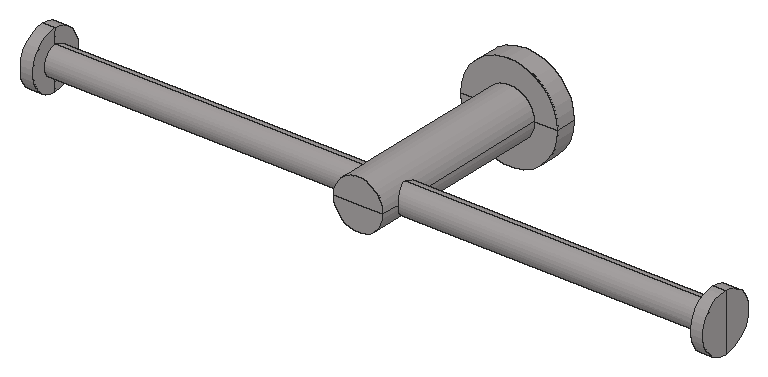
Revit family "Reece_Accessory_Milli_Mood Edit_Double Toilet Roll Holder", category Plumbing Fixtures, Revit 2018
Family settings
  Round Connector Dimension = Use Diameter
  Part Type = Normal
  Work Plane-Based = Yes
  Always vertical = Yes
  Cut with Voids When Loaded = Yes
  Shared = Yes
  Room Calculation Point = Yes
Parameters (values of type "Brushed Gunmetal")
  URL = "https://www.reece.com.au/product/-2281326"
  Type Comments = "Accessory"
  Reece_Product_Web Page = "https://www.reece.com.au/product/-2281326"
  Reece_Product_Type = "Accessory"  # constant formula
  Reece_Product_Sub Brand = "Mood Edit"  # constant formula
  Reece_Product_Number = "2281326"
  Reece_Product_Mount = "Wall Mounted"
  Reece_Product_Description = "Milli Mood Edit Double Toilet Roll Holder Brushed Gunmetal"
  Reece_Product_Brand = "Milli"  # constant formula
  Reece_Overall_Width = 261 mm  # constant formula
  Reece_Overall_Projection = 80 mm  # constant formula
  Reece_Material_Main = Reece_Brass_Brushed Gunmetal
  Reece_Height_From_Level [instance] = 650 mm
  Reece_Detail_Shape = ""
  Reece_Detail_Installation = ""
  Reece_Detail_Disclaimer = "THIS FILE IS THE PROPERTY OF THE REECE GROUP. IT MAY NOT BE REPRODUCED, REVERSE-ENGINEERED OR MODIFIED. ANY REPUBLICATION, TRANSMISSION OR DISTRIBUTION FOR THE PURPOSE OF COMMERCIALLY EXPLOITING THE FILES IS PROHIBITED."  # constant formula
  Reece_Detail_Connector = ""  # constant formula
  Reece_Detail_Additional = "Double Toilet Roll Holder"  # constant formula
  Model = "Mood Edit"
  Manufacturer = "Milli"
  Keynote = "Product #2281326, Reece_Accessory_Milli_Mood Edit_Double Toilet Roll Holder - Brushed Gunmetal"
  Disclaimer = "THIS FILE IS THE PROPERTY OF THE REECE GROUP. IT MAY NOT BE REPRODUCED, REVERSE-ENGINEERED OR MODIFIED. ANY REPUBLICATION, TRANSMISSION OR DISTRIBUTION FOR THE PURPOSE OF COMMERCIALLY EXPLOITING THE FILES IS PROHIBITED."  # constant formula
  Description = "Milli Mood Edit Double Toilet Roll Holder Brushed Gunmetal"
  Default Elevation = 0 mm
Types (9, lengths in mm): name | URL | Reece_Product_Web Page | Reece_Product_Number | Reece_Product_Description | Reece_Material_Main | Keynote | Description
  Brushed Gunmetal | "https://www.reece.com.au/product/-2281326" | "https://www.reece.com.au/product/-2281326" | "2281326" | "Milli Mood Edit Double Toilet Roll Holder Brushed Gunmetal" | Reece_Brass_Brushed Gunmetal | "Product #2281326, Reece_Accessory_Milli_Mood Edit_Double Toilet Roll Holder - Brushed Gunmetal" | "Milli Mood Edit Double Toilet Roll Holder Brushed Gunmetal"
  Brushed Nickel | "https://www.reece.com.au/product/-2299211" | "https://www.reece.com.au/product/-2299211" | "2299211" | "Milli Mood Edit Double Toilet Roll Holder Brushed Nickel" | Reece_Brass_Brushed Nickel | "Product #2299211, Reece_Accessory_Milli_Mood Edit_Double Toilet Roll Holder - Brushed Nickel" | "Milli Mood Edit Double Toilet Roll Holder Brushed Nickel"
  Chrome | "https://www.reece.com.au/product/-2263306" | "https://www.reece.com.au/product/-2263306" | "2263306" | "Milli Mood Edit Double Toilet Roll Holder Chrome" | Reece_Brass_Chrome | "Product #2263306, Reece_Accessory_Milli_Mood Edit_Double Toilet Roll Holder - Chrome" | "Milli Mood Edit Double Toilet Roll Holder Chrome"
  Matte Black | "https://www.reece.com.au/product/-2281248" | "https://www.reece.com.au/product/-2281248" | "2281248" | "Milli Mood Edit Double Toilet Roll Holder Matte Black" | Reece_Brass_Matte Black | "Product #2281248, Reece_Accessory_Milli_Mood Edit_Double Toilet Roll Holder - Matte Black" | "Milli Mood Edit Double Toilet Roll Holder Matte Black"
  PVD Brushed Bronze | "https://www.reece.com.au/product/-9511111" | "https://www.reece.com.au/product/-9511111" | "9511111" | "Milli Mood Edit Double Toilet Roll Holder PVD Brushed Bronze" | Reece_PVD_Brushed Bronze | "Product #9511111, Reece_Accessory_Milli_Mood Edit_Double Toilet Roll Holder - PVD Brushed Bronze" | "Milli Mood Edit Double Toilet Roll Holder PVD Brushed Bronze"
  PVD Brushed Gold | "https://www.reece.com.au/product/-9510926" | "https://www.reece.com.au/product/-9510926" | "9510926" | "Milli Mood Edit Double Toilet Roll Holder PVD Brushed Gold" | Reece_PVD_Brushed Gold | "Product #9510926, Reece_Accessory_Milli_Mood Edit_Double Toilet Roll Holder - PVD Brushed Gold" | "Milli Mood Edit Double Toilet Roll Holder PVD Brushed Gold"
  PVD Brushed Gunmetal | "https://www.reece.com.au/product/-9511785" | "https://www.reece.com.au/product/-9511785" | "9511785" | "Milli Mood Edit Double Toilet Roll Holder PVD Brushed Gunmetal" | Reece_PVD_Brushed Gunmetal | "Product #9511785, Reece_Accessory_Milli_Mood Edit_Double Toilet Roll Holder - PVD Brushed Gunmetal" | "Milli Mood Edit Double Toilet Roll Holder PVD Brushed Gunmetal"
  PVD Brushed Nickel | "https://www.reece.com.au/product/-9511600" | "https://www.reece.com.au/product/-9511600" | "9511600" | "Milli Mood Edit Double Toilet Roll Holder PVD Brushed Nickel" | Reece_PVD_Brushed Nickel | "Product #9511600, Reece_Accessory_Milli_Mood Edit_Double Toilet Roll Holder - PVD Brushed Nickel" | "Milli Mood Edit Double Toilet Roll Holder PVD Brushed Nickel"
  PVD Matte Black | "https://www.reece.com.au/product/-9511415" | "https://www.reece.com.au/product/-9511415" | "9511415" | "Milli Mood Edit Double Toilet Roll Holder PVD Matte Black" | Reece_PVD_Matte Black | "Product #9511415, Reece_Accessory_Milli_Mood Edit_Double Toilet Roll Holder - PVD Matte Black" | "Milli Mood Edit Double Toilet Roll Holder PVD Matte Black"
Reference planes
  plane 1 "Center (Front/Back)": y = 0
  plane 2 "Bottom Host Plane": z = 0
  plane 3 "Center (Left/Right)": x = 0
  plane 4 "Roll Height": z = 650
  plane 5: x = -18.5
  plane 6: x = 18.5
  plane 7: y = -67.675
  plane 8: y = -78.802
  plane 9: y = -56.717
  plane 10: y = -80
  plane 11: x = -9.593
  plane 12: x = 9.5
  plane 13: x = -130.5
  plane 14: x = 130.5
  plane 15: z = 660.875
  plane 16: z = 638.875
Forms (mm)
  Revolve 1, solid, material "Reece_Brass_Brushed Gunmetal" <- "Reece_Material_Main"
    sketch origin (0, 0, 650) x (0, 1, 0) y (-1, 0, 0)
      loop
        line (0, 0) -> (-7.907, 0) -> (-80, 0) -> (-80, -9.5) -> (-7.907, -9.5) -> (-7.907, -18.5) -> (0, -18.5) -> (0, 0)
      axis (0, 0) -> (-80, 0)
    angle from 0 to 360
  Revolve 2, solid, material "Reece_Brass_Brushed Gunmetal" <- "Reece_Material_Main"
    sketch origin (0, -67.675, 256.419) x (0, 0, -1) y (-1, 0, 0)
      loop
        line (-399.02, -125.8) -> (-404.456, -125.8) -> (-404.456, -130.5) -> (-393.581, -130.5) -> (-393.581, 130.5) -> (-404.456, 130.5) -> (-404.456, 125.8) -> (-399.02, 125.8) -> (-399.02, -125.8)
      axis (-393.581, 130.5) -> (-393.581, -130.5)
    angle from 0 to 360
Cuts and joins
  joined: Revolve 1, Revolve 2
Lines and regions (mm)
  model lines, style "InvisibleLines"
    curve 1: line (0, 0, 0) -> (0, 0, 650)
Text (mm)
  text "Reece ©" at (2535.266, -2331.773, 3149.773), in view "Reece Preview"
  text "Reece Copyright © 2018, Reece Ltd." at (29.365, -183.093, 0), in view "Ref. Level"
Dimensions and locks
  locked: plane 2 "Bottom Host Plane" to level
  plane 5 to plane 6 = 37 mm
  plane 9 to plane 8 = 22.085 mm  (x2)
  Revolve 1 to Revolve 1 = 7.907 mm
  "Reece_Overall_Projection": plane 1 "Center (Front/Back)" to plane 10
  plane 11 to plane 12 = 19.093 mm
  plane 1 "Center (Front/Back)" to plane 10 = 80 mm
  plane 13 to plane 14 = 261 mm
  "Reece_Overall_Width": plane 13 to plane 14
  "Reece_Height_From_Level": plane 4 "Roll Height" to level
  plane 15 to plane 16 = 22 mm
  plane 4 "Roll Height" to level = 650 mm  (x2)
  plane 16 to plane 15 = 22 mm
  aligned and locked: Revolve 1 sketch curve to plane 3 "Center (Left/Right)"
  aligned and locked: plane 10 to Revolve 1
  aligned and locked: plane 3 "Center (Left/Right)" to curve 1
  aligned and locked: plane 4 "Roll Height" to curve 1
Automatic sketch dimensions
  Revolve 1 sketch curve to plane 3 "Center (Left/Right)" = 0 mm
  Revolve 1 sketch curve to plane 10 = 0 mm
  plane 1 "Center (Front/Back)" to Revolve 1 sketch curve = 0 mm
  Revolve 1 sketch curve to plane 6 = 0 mm
  Revolve 1 sketch curve to Revolve 1 sketch curve = 7.907 mm  (x2)
  plane 12 to Revolve 1 sketch curve = 0 mm
  Revolve 1 sketch curve to plane 10 = 49.452 mm
  Revolve 1 sketch curve to plane 1 "Center (Front/Back)" = 40.548 mm
  plane 14 to Revolve 2 sketch curve = 0 mm
  plane 13 to Revolve 2 sketch curve = 0 mm
  Revolve 2 sketch curve to plane 4 "Roll Height" = 0 mm  (x2)
  plane 4 "Roll Height" to Revolve 2 sketch curve = 5.439 mm
  Revolve 2 sketch curve to Revolve 2 sketch curve = 5.436 mm  (x2)
  Revolve 2 sketch curve to Revolve 2 sketch curve = 0 mm  (x2)
  plane 14 to Revolve 2 sketch curve = 4.7 mm  (x2)
  Revolve 2 sketch curve to plane 13 = 4.7 mm  (x2)
  Revolve 2 sketch curve to Revolve 2 sketch curve = 48.493 mm
  Revolve 2 sketch curve to Revolve 2 sketch curve = 30.507 mm
  curve 1 to level = 0 mm
